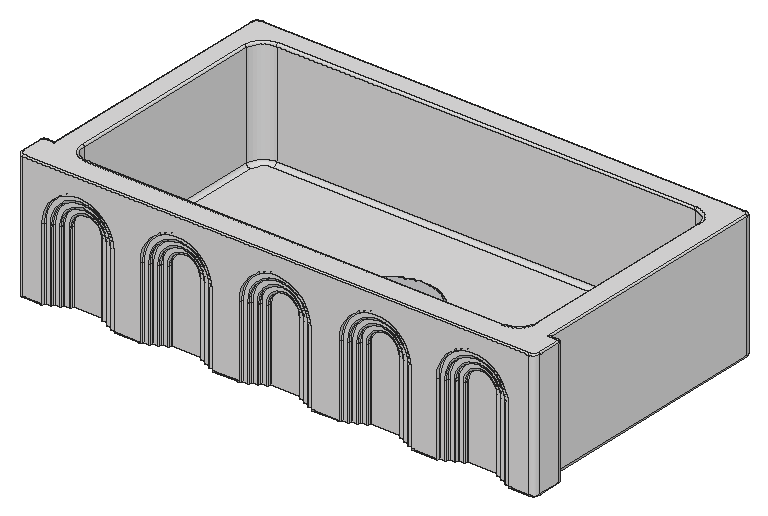
Revit family "Sink-Undermount_Kitchen-KALLISTA-Voussoir-L39742-1", category Plumbing Fixtures, host Face, Revit 2022 (continued)
Definition of nested family "L39742"
  Lines and regions (in)
    symbolic lines
      curve 194: arc (2.08714, 7.50394, 0.13515) -> (2.10043, 7.50394, 0.06285) -> (2.13855, 7.50394, 0) r 0.20336
      curve 195: arc (2.48672, 7.50394, 0.13515) -> (2.51814, 7.50394, 0.0476) -> (2.59805, 7.50394, 0) r 0.1377
      curve 196: arc (2.55901, 7.50394, 0.13515) -> (2.56897, 7.50394, 0.06481) -> (2.59805, 7.50394, 0) r 0.25348
      curve 197: line (14.6511, 7.50394, 4.98714) -> (14.6511, 7.50394, 0.13515)
      curve 198: line (14.70429, 7.50394, 4.99272) -> (14.70429, 7.50394, 0.13515)
      curve 199: line (14.57881, 7.50394, 4.99503) -> (14.57881, 7.50394, 0)
      curve 200: line (15.05068, 7.50394, 4.99847) -> (15.05068, 7.50394, 0)
      curve 201: line (15.1143, 7.50394, 5.00063) -> (15.1143, 7.50394, 0.13515)
      curve 202: line (15.16555, 7.50394, 5.01584) -> (15.16555, 7.50394, 0.13515)
      curve 203: line (15.64243, 7.50394, 4.99794) -> (15.64243, 7.50394, 0.13515)
      curve 204: line (15.58444, 7.50394, 4.98991) -> (15.58444, 7.50394, 0.13515)
      curve 205: line (15.5203, 7.50394, 4.99064) -> (15.5203, 7.50394, 0)
      curve 206: line (15.99199, 7.50394, 4.97534) -> (15.99199, 7.50394, 0)
      curve 207: line (16.04959, 7.50394, 4.99209) -> (16.04959, 7.50394, 0.13515)
      curve 208: line (16.11123, 7.50394, 5.00692) -> (16.11123, 7.50394, 0.13515)
      curve 209: line (11.06441, 7.50394, 4.99209) -> (11.06441, 7.50394, 0.13515)
      curve 210: line (11.1176, 7.50394, 4.97534) -> (11.1176, 7.50394, 0)
      curve 211: line (10.99212, 7.50394, 5.00692) -> (10.99212, 7.50394, 0.13515)
      curve 212: line (11.46399, 7.50394, 4.99794) -> (11.46399, 7.50394, 0.13515)
      curve 213: line (11.52762, 7.50394, 4.98991) -> (11.52762, 7.50394, 0.13515)
      curve 214: line (11.57887, 7.50394, 4.99064) -> (11.57887, 7.50394, 0)
      curve 215: line (12.05575, 7.50394, 4.99847) -> (12.05575, 7.50394, 0)
      curve 216: line (11.99775, 7.50394, 5.00063) -> (11.99775, 7.50394, 0.13515)
      curve 217: line (11.93361, 7.50394, 5.01584) -> (11.93361, 7.50394, 0.13515)
      curve 218: line (12.40531, 7.50394, 4.99272) -> (12.40531, 7.50394, 0.13515)
      curve 219: line (12.4629, 7.50394, 4.98714) -> (12.4629, 7.50394, 0.13515)
      curve 220: line (12.52454, 7.50394, 4.99503) -> (12.52454, 7.50394, 0)
      curve 221: arc (12.52454, 7.50394, 4.99503) -> (13.55167, 7.50394, 6.02216) -> (14.57881, 7.50394, 4.99503) r 1.02713
      curve 222: arc (12.4629, 7.50394, 4.98714) -> (13.557, 7.50394, 6.08124) -> (14.6511, 7.50394, 4.98714) r 1.0941
      curve 223: arc (12.40531, 7.50394, 4.99272) -> (13.5548, 7.50394, 6.14221) -> (14.70429, 7.50394, 4.99272) r 1.14949
      curve 224: arc (12.05575, 7.50394, 4.99847) -> (13.55321, 7.50394, 6.49594) -> (15.05068, 7.50394, 4.99847) r 1.49747
      curve 225: arc (11.93361, 7.50394, 5.01584) -> (13.54958, 7.50394, 6.63181) -> (15.16555, 7.50394, 5.01584) r 1.61597
      curve 226: arc (11.99775, 7.50394, 5.00063) -> (13.55603, 7.50394, 6.5589) -> (15.1143, 7.50394, 5.00063) r 1.55827
      curve 227: arc (11.57887, 7.50394, 4.99064) -> (13.54958, 7.50394, 6.96135) -> (15.5203, 7.50394, 4.99064) r 1.97071
      curve 228: arc (11.52762, 7.50394, 4.98991) -> (13.55603, 7.50394, 7.01832) -> (15.58444, 7.50394, 4.98991) r 2.02841
      curve 229: arc (11.46399, 7.50394, 4.99794) -> (13.55321, 7.50394, 7.08715) -> (15.64243, 7.50394, 4.99794) r 2.08922
      curve 230: arc (11.1176, 7.50394, 4.97534) -> (13.5548, 7.50394, 7.41253) -> (15.99199, 7.50394, 4.97534) r 2.4372
      curve 231: arc (10.99212, 7.50394, 5.00692) -> (13.55167, 7.50394, 7.56648) -> (16.11123, 7.50394, 5.00692) r 2.55955
      curve 232: arc (16.04959, 7.50394, 4.99209) -> (13.557, 7.50394, 7.48468) -> (11.06441, 7.50394, 4.99209) r 2.49259
      curve 233: arc (16.11123, 7.50394, 0.13515) -> (16.12174, 7.50394, 0.06452) -> (16.15235, 7.50394, 0) r 0.24266
      curve 234: arc (16.04959, 7.50394, 0.13515) -> (16.0782, 7.50394, 0.05026) -> (16.15235, 7.50394, 0) r 0.14026
      curve 235: arc (15.64243, 7.50394, 0.13515) -> (15.65276, 7.50394, 0.06462) -> (15.68286, 7.50394, 0) r 0.24611
      curve 236: arc (15.58444, 7.50394, 0.13515) -> (15.61165, 7.50394, 0.05156) -> (15.68286, 7.50394, 0) r 0.14201
      curve 237: arc (15.16555, 7.50394, 0.13515) -> (15.18009, 7.50394, 0.06201) -> (15.22151, 7.50394, 0) r 0.19121
      curve 238: arc (15.1143, 7.50394, 0.13515) -> (15.14436, 7.50394, 0.0489) -> (15.22151, 7.50394, 0) r 0.1388
      curve 239: arc (14.70429, 7.50394, 0.13515) -> (14.71395, 7.50394, 0.06496) -> (14.74223, 7.50394, 0) r 0.2597
      curve 240: arc (14.6511, 7.50394, 0.13515) -> (14.67601, 7.50394, 0.05365) -> (14.74223, 7.50394, 0) r 0.14579
      curve 241: arc (12.40531, 7.50394, 0.13515) -> (12.38982, 7.50394, 0.06135) -> (12.34596, 7.50394, 0) r 0.18356
      curve 242: arc (12.4629, 7.50394, 0.13515) -> (12.42961, 7.50394, 0.04579) -> (12.34596, 7.50394, 0) r 0.13657
      curve 243: arc (11.99775, 7.50394, 0.13515) -> (11.98091, 7.50394, 0.06035) -> (11.93361, 7.50394, 0) r 0.17446
      curve 244: arc (11.93361, 7.50394, 0.13515) -> (11.91712, 7.50394, 0.06062) -> (11.87072, 7.50394, 0) r 0.17668
      curve 245: arc (11.52762, 7.50394, 0.13515) -> (11.49497, 7.50394, 0.04641) -> (11.41259, 7.50394, 0) r 0.13691
      curve 246: arc (11.46399, 7.50394, 0.13515) -> (11.45071, 7.50394, 0.06285) -> (11.41259, 7.50394, 0) r 0.20336
      curve 247: arc (11.06441, 7.50394, 0.13515) -> (11.033, 7.50394, 0.0476) -> (10.95308, 7.50394, 0) r 0.1377
      curve 248: arc (10.99212, 7.50394, 0.13515) -> (10.98217, 7.50394, 0.06481) -> (10.95308, 7.50394, 0) r 0.25348
      curve 249: line (7.87522, 7.50394, 4.98714) -> (7.87522, 7.50394, 0.13515)
      curve 250: line (7.92841, 7.50394, 4.99272) -> (7.92841, 7.50394, 0.13515)
      curve 251: line (7.80293, 7.50394, 4.99503) -> (7.80293, 7.50394, 0)
      curve 252: line (8.2748, 7.50394, 4.99847) -> (8.2748, 7.50394, 0)
      curve 253: line (8.33842, 7.50394, 5.00063) -> (8.33842, 7.50394, 0.13515)
      curve 254: line (8.38968, 7.50394, 5.01584) -> (8.38968, 7.50394, 0.13515)
      curve 255: line (8.86655, 7.50394, 4.99794) -> (8.86655, 7.50394, 0.13515)
      curve 256: line (8.80856, 7.50394, 4.98991) -> (8.80856, 7.50394, 0.13515)
      curve 257: line (8.74442, 7.50394, 4.99064) -> (8.74442, 7.50394, 0)
      curve 258: line (9.21612, 7.50394, 4.97534) -> (9.21612, 7.50394, 0)
      curve 259: line (9.27371, 7.50394, 4.99209) -> (9.27371, 7.50394, 0.13515)
      curve 260: line (9.33535, 7.50394, 5.00692) -> (9.33535, 7.50394, 0.13515)
      curve 261: line (4.28854, 7.50394, 4.99209) -> (4.28854, 7.50394, 0.13515)
      curve 262: line (4.34172, 7.50394, 4.97534) -> (4.34172, 7.50394, 0)
      curve 263: line (4.21624, 7.50394, 5.00692) -> (4.21624, 7.50394, 0.13515)
      curve 264: line (4.68812, 7.50394, 4.99794) -> (4.68812, 7.50394, 0.13515)
      curve 265: line (4.75174, 7.50394, 4.98991) -> (4.75174, 7.50394, 0.13515)
      curve 266: line (4.80299, 7.50394, 4.99064) -> (4.80299, 7.50394, 0)
      curve 267: line (5.27987, 7.50394, 4.99847) -> (5.27987, 7.50394, 0)
      curve 268: line (5.22188, 7.50394, 5.00063) -> (5.22188, 7.50394, 0.13515)
      curve 269: line (5.15774, 7.50394, 5.01584) -> (5.15774, 7.50394, 0.13515)
      curve 270: line (5.62943, 7.50394, 4.99272) -> (5.62943, 7.50394, 0.13515)
      curve 271: line (5.68703, 7.50394, 4.98714) -> (5.68703, 7.50394, 0.13515)
      curve 272: line (5.74867, 7.50394, 4.99503) -> (5.74867, 7.50394, 0)
      curve 273: arc (5.74867, 7.50394, 4.99503) -> (6.7758, 7.50394, 6.02216) -> (7.80293, 7.50394, 4.99503) r 1.02713
      curve 274: arc (5.68703, 7.50394, 4.98714) -> (6.78112, 7.50394, 6.08124) -> (7.87522, 7.50394, 4.98714) r 1.0941
      curve 275: arc (5.62943, 7.50394, 4.99272) -> (6.77892, 7.50394, 6.14221) -> (7.92841, 7.50394, 4.99272) r 1.14949
      curve 276: arc (5.27987, 7.50394, 4.99847) -> (6.77734, 7.50394, 6.49594) -> (8.2748, 7.50394, 4.99847) r 1.49747
      curve 277: arc (5.15774, 7.50394, 5.01584) -> (6.77371, 7.50394, 6.63181) -> (8.38968, 7.50394, 5.01584) r 1.61597
      curve 278: arc (5.22188, 7.50394, 5.00063) -> (6.78015, 7.50394, 6.5589) -> (8.33842, 7.50394, 5.00063) r 1.55827
      curve 279: arc (4.80299, 7.50394, 4.99064) -> (6.77371, 7.50394, 6.96135) -> (8.74442, 7.50394, 4.99064) r 1.97071
      curve 280: arc (4.75174, 7.50394, 4.98991) -> (6.78015, 7.50394, 7.01832) -> (8.80856, 7.50394, 4.98991) r 2.02841
      curve 281: arc (4.68812, 7.50394, 4.99794) -> (6.77734, 7.50394, 7.08715) -> (8.86655, 7.50394, 4.99794) r 2.08922
      curve 282: arc (4.34172, 7.50394, 4.97534) -> (6.77892, 7.50394, 7.41253) -> (9.21612, 7.50394, 4.97534) r 2.4372
      curve 283: arc (4.21624, 7.50394, 5.00692) -> (6.7758, 7.50394, 7.56648) -> (9.33535, 7.50394, 5.00692) r 2.55955
      curve 284: arc (9.27371, 7.50394, 4.99209) -> (6.78112, 7.50394, 7.48468) -> (4.28854, 7.50394, 4.99209) r 2.49259
      curve 285: arc (9.33535, 7.50394, 0.13515) -> (9.34586, 7.50394, 0.06452) -> (9.37647, 7.50394, 0) r 0.24266
      curve 286: arc (9.27371, 7.50394, 0.13515) -> (9.30232, 7.50394, 0.05026) -> (9.37647, 7.50394, 0) r 0.14026
      curve 287: arc (8.86655, 7.50394, 0.13515) -> (8.87688, 7.50394, 0.06462) -> (8.90699, 7.50394, 0) r 0.24611
      curve 288: arc (8.80856, 7.50394, 0.13515) -> (8.83578, 7.50394, 0.05156) -> (8.90699, 7.50394, 0) r 0.14201
      curve 289: arc (8.38968, 7.50394, 0.13515) -> (8.40422, 7.50394, 0.06201) -> (8.44563, 7.50394, 0) r 0.19121
      curve 290: arc (8.33842, 7.50394, 0.13515) -> (8.36848, 7.50394, 0.0489) -> (8.44563, 7.50394, 0) r 0.1388
      curve 291: arc (7.92841, 7.50394, 0.13515) -> (7.93807, 7.50394, 0.06496) -> (7.96635, 7.50394, 0) r 0.2597
      curve 292: arc (7.87522, 7.50394, 0.13515) -> (7.90013, 7.50394, 0.05365) -> (7.96635, 7.50394, 0) r 0.14579
      curve 293: arc (5.62943, 7.50394, 0.13515) -> (5.61394, 7.50394, 0.06135) -> (5.57008, 7.50394, 0) r 0.18356
      curve 294: arc (5.68703, 7.50394, 0.13515) -> (5.65373, 7.50394, 0.04579) -> (5.57008, 7.50394, 0) r 0.13657
      curve 295: arc (5.22188, 7.50394, 0.13515) -> (5.20503, 7.50394, 0.06035) -> (5.15774, 7.50394, 0) r 0.17446
      curve 296: arc (5.15774, 7.50394, 0.13515) -> (5.14124, 7.50394, 0.06062) -> (5.09485, 7.50394, 0) r 0.17668
      curve 297: arc (4.75174, 7.50394, 0.13515) -> (4.71909, 7.50394, 0.04641) -> (4.63671, 7.50394, 0) r 0.13691
      curve 298: arc (4.68812, 7.50394, 0.13515) -> (4.67483, 7.50394, 0.06285) -> (4.63671, 7.50394, 0) r 0.20336
      curve 299: arc (4.28854, 7.50394, 0.13515) -> (4.25712, 7.50394, 0.0476) -> (4.17721, 7.50394, 0) r 0.1377
      curve 300: arc (4.21624, 7.50394, 0.13515) -> (4.20629, 7.50394, 0.06481) -> (4.17721, 7.50394, 0) r 0.25348
      curve 301: line (-2.25, 7.50394, 0) -> (2.25, 7.50394, 0)
      curve 302: line (-2.25, 7.50394, -0.14125) -> (2.25, 7.50394, -0.14125)
      curve 303: line (2.25, 7.50394, -0.18828) -> (-2.25, 7.50394, -0.18828)
      curve 304: line (-2.02039, 7.50394, -0.25901) -> (2.02039, 7.50394, -0.25901)
      curve 305: line (1.98657, 7.50394, -0.29465) -> (-1.98657, 7.50394, -0.29465)
      curve 306: line (-1.64878, 7.50394, -0.57625) -> (1.64878, 7.50394, -0.57625)
      curve 307: line (1.5612, 7.50394, -0.73381) -> (-1.5612, 7.50394, -0.73381)
      curve 308: line (-1.17944, 7.50394, -0.87521) -> (1.17944, 7.50394, -0.87521)
      curve 309: line (0.92856, 7.50394, -1.46093) -> (-0.92856, 7.50394, -1.46093)
      curve 310: line (-0.92856, 7.50394, -1.23566) -> (0.92856, 7.50394, -1.23566)
      curve 311: line (0.93427, 7.50394, -1.61074) -> (-0.93427, 7.50394, -1.61074)
      curve 312: line (-0.93353, 7.50394, -2.17177) -> (0.93353, 7.50394, -2.17177)
      curve 313: line (-17.75, 7.50394, 8.63386) -> (17.75, 7.50394, 8.63386)
      curve 314: line (17.3563, 7.50394, 8.75197) -> (17.3563, 7.50394, 0)
      curve 315: line (17.75, 7.50394, 0.12629) -> (-17.75, 7.50394, 0.12629)
      curve 316: line (-17.3563, 7.50394, 8.75197) -> (-17.3563, 7.50394, 0)
      curve 317: line (-0.67536, 7.50394, -1.91625) -> (-0.38676, 7.50394, -1.91625)
      curve 318: arc (-0.67536, 7.50394, -1.91625) -> (-0.87224, 7.50394, -2.04292) -> (-1.07524, 7.50394, -1.92631) r 0.22522
      curve 319: line (0.67536, 7.50394, -1.91625) -> (0.38676, 7.50394, -1.91625)
      curve 320: arc (0.67536, 7.50394, -1.91625) -> (0.87224, 7.50394, -2.04292) -> (1.07524, 7.50394, -1.92631) r 0.22522
      curve 321: arc (-0.38676, 7.50394, -1.91625) -> (0, 7.50394, -2.04125) -> (0.38676, 7.50394, -1.91625) r 0.66083
      curve 322: line (0, 17.25591, 8.63386) -> (0, -2.24409, 8.63386)
      curve 323: line (0, -2.24409, 0.12629) -> (0, 17.25591, 0.12629)
      curve 324: line (0, 16.8622, 0) -> (0, 16.8622, 8.75197)
      curve 325: line (0, 0.12653, 8.75197) -> (0, 0.12653, 0)
      curve 326: line (0, 0, 0.12629) -> (0, 0, 8.63386)
      curve 327: line (0, -0.13341, 8.75197) -> (0, -0.13341, 0)
      curve 328: line (0, -1.85039, 0) -> (0, -1.85039, 8.75197)
      curve 329: line (0, 9.75394, 0) -> (0, 5.25394, 0)
      curve 330: line (0, 5.25394, -0.13525) -> (0, 9.75394, -0.13525)
      curve 331: line (0, 9.52433, -0.25901) -> (0, 5.48354, -0.25901)
      curve 332: line (0, 5.51736, -0.29465) -> (0, 9.49051, -0.29465)
      curve 333: line (0, 9.15272, -0.57625) -> (0, 5.85516, -0.57625)
      curve 334: line (0, 5.94273, -0.73381) -> (0, 9.06514, -0.73381)
      curve 335: line (0, 8.68338, -0.87521) -> (0, 6.32449, -0.87521)
      curve 336: line (0, 6.57537, -1.23566) -> (0, 8.4325, -1.23566)
      curve 337: line (0, 7.66781, -1.91625) -> (0, 7.3339, -1.91625)
      curve 338: line (0, 6.66466, -1.91625) -> (0, 6.49955, -1.91625)
      curve 339: line (0, 8.34321, -1.91625) -> (0, 8.50832, -1.91625)
      curve 340: arc (0, 7.3339, -1.91625) -> (0, 6.99928, -2.0414) -> (0, 6.66466, -1.91625) r 0.50994
      curve 341: arc (0, 7.66781, -1.91625) -> (0, 8.00551, -2.04137) -> (0, 8.34321, -1.91625) r 0.51832
      curve 342: line (0, 8.43821, -1.61074) -> (0, 6.56966, -1.61074)
      curve 343: line (0, 6.62678, -1.57777) -> (0, 8.3811, -1.57777)
      curve 344: line (0, 8.39647, -1.49696) -> (0, 6.61141, -1.49696)
      curve 345: line (0, 6.57537, -1.46093) -> (0, 8.4325, -1.46093)
      curve 346: line (0, 7.66781, -1.91625) -> (0, 7.66781, -1.61074)
      curve 347: line (0, 7.3339, -1.91625) -> (0, 7.3339, -1.61074)
      curve 348: arc (0, -0.13341, 0) -> (0, -0.03953, 0.03444) -> (0, 0, 0.12629) r 0.12648
      curve 349: arc (0, 0, 8.63386) -> (0, -0.04012, 8.72295) -> (0, -0.13341, 8.75197) r 0.11899
    symbolic lines, detail levels medium+fine
      curve 6: arc (-14.39888, -0.65109, 0) -> (-15.26936, -0.29052, 0) -> (-15.62992, 0.57996, 0) r 1.23104
      curve 7: line (-15.62992, 0.57996, 0) -> (-15.62992, 14.74655, 0)
      curve 8: line (14.39888, -0.65109, 0) -> (-14.39888, -0.65109, 0)
      curve 9: arc (-15.62992, 14.74655, 0) -> (-15.30359, 15.53439, 0) -> (-14.51575, 15.86073, 0) r 1.11417
      curve 10: line (-14.51575, 15.86073, 0) -> (14.51575, 15.86073, 0)
      curve 11: arc (-14.51575, 15.45521, 0) -> (-15.01685, 15.24765, 0) -> (-15.22441, 14.74655, 0) r 0.70866
      curve 12: line (-15.22441, 14.74655, 0) -> (-15.22441, 0.57996, 0)
      curve 13: line (14.51575, 15.45521, 0) -> (-14.51575, 15.45521, 0)
      curve 14: arc (-15.22441, 0.57996, 0) -> (-14.98262, -0.00378, 0) -> (-14.39888, -0.24557, 0) r 0.82553
      curve 15: line (-14.39888, -0.24557, 0) -> (14.39888, -0.24557, 0)
      curve 16: line (-17.63189, -0.11811, 0) -> (-17.63189, -1.85039, 0)
      curve 17: line (-17.11811, -0.11811, 0) -> (-17.63189, -0.11811, 0)
      curve 18: arc (-16.88189, 0.11811, 0) -> (-16.95108, -0.04892, 0) -> (-17.11811, -0.11811, 0) r 0.23622
      curve 19: line (-16.88189, 16.8622, 0) -> (-16.88189, 0.11811, 0)
      curve 20: arc (-17.63189, -1.85039, 0) -> (-17.55117, -2.04527, 0) -> (-17.3563, -2.12598, 0) r 0.27559
      curve 21: line (-17.3563, -2.12598, 0) -> (17.3563, -2.12598, 0)
      curve 22: arc (-16.6063, 17.1378, 0) -> (-16.80117, 17.05708, 0) -> (-16.88189, 16.8622, 0) r 0.27559
      curve 23: line (16.6063, 17.1378, 0) -> (-16.6063, 17.1378, 0)
      curve 27: arc (14.39888, -0.65109, 0) -> (15.26936, -0.29052, 0) -> (15.62992, 0.57996, 0) r 1.23104
      curve 28: line (15.62992, 0.57996, 0) -> (15.62992, 14.74655, 0)
      curve 29: arc (15.62992, 14.74655, 0) -> (15.30359, 15.53439, 0) -> (14.51575, 15.86073, 0) r 1.11417
      curve 30: arc (14.51575, 15.45521, 0) -> (15.01685, 15.24765, 0) -> (15.22441, 14.74655, 0) r 0.70866
      curve 31: line (15.22441, 14.74655, 0) -> (15.22441, 0.57996, 0)
      curve 32: arc (15.22441, 0.57996, 0) -> (14.98262, -0.00378, 0) -> (14.39888, -0.24557, 0) r 0.82553
      curve 33: line (17.63189, -0.11811, 0) -> (17.63189, -1.85039, 0)
      curve 34: line (17.11811, -0.11811, 0) -> (17.63189, -0.11811, 0)
      curve 35: arc (16.88189, 0.11811, 0) -> (16.95108, -0.04892, 0) -> (17.11811, -0.11811, 0) r 0.23622
      curve 36: line (16.88189, 16.8622, 0) -> (16.88189, 0.11811, 0)
      curve 37: arc (17.63189, -1.85039, 0) -> (17.55117, -2.04527, 0) -> (17.3563, -2.12598, 0) r 0.27559
      curve 38: arc (16.6063, 17.1378, 0) -> (16.80117, 17.05708, 0) -> (16.88189, 16.8622, 0) r 0.27559
      curve 39: circle (0, 7.50394, 0) r 2.95276 normal (0, 0, 1)
  Dimensions and locks (in)
    aligned and locked: plane 2 to level
Types (7): name | Type | Model | Finish
  (no name) | 6 | "L39742-00-WH" | KALLISTA-Stone-WH-White_Carrara_Marble
  NM-Nero Marquina | 4 | "L39742-00-NM" | Kohler-Stone-NM-Nero_Marquina
  CCV-Calacatta Viola | 1 | "L39742-00-CCV" | KALLISTA-Stone-CCV-Calacatta_Viola
  FWG-Fusion Green Quartzite | 2 | "L39742-00-FWG" | KALLISTA-Stone-FWG-Fusion_Green_Quartzite
  MVV-Macchia Vecchia | 3 | "L39742-00-MVV" | KALLISTA-Stone-MVV-Macchia_Vecchia
  RM-Crema Marfil | 5 | "L39742-00-RM" | KALLISTA-Stone-RM-Crema_Marfil
  WH-White Carrara Marble | 6 | "L39742-00-WH" | KALLISTA-Stone-WH-White_Carrara_Marble
